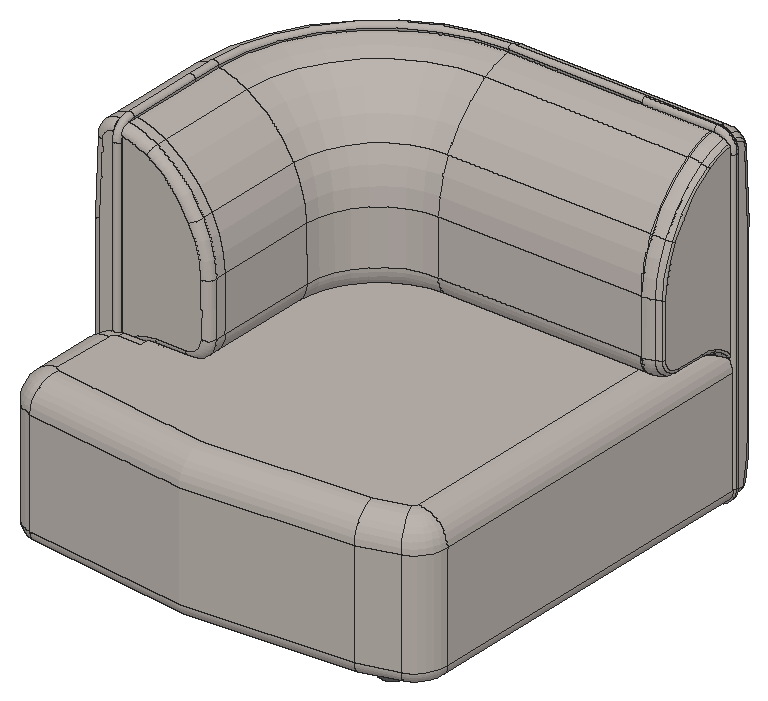
Revit family "revitupgrade", category Furniture, Revit 2025
Family settings
  OmniClass Number = 23.40.70.14.64.11
  OmniClass Title = Office Furniture
  Work Plane-Based = No
  Enable Cutting in Views = No
  Always vertical = Yes
  Cut with Voids When Loaded = No
  Render Appearance Source = Family Geometry
  Shared = No
  Room Calculation Point = No
Parameters (values of type "H725 x W870 x D920mm")
  Width = 870.00 mm
  Upholstery Finish [instance] = Wendelbo_Fabric_Cuddle_COL04
  URL = "https://www.steelcase.com/asia-en/products/sofas/panorama-sofa/"
  Style Number(s) = "WBOPANOSF1, WBOPANOSF2"
  Release Date = "September 2022"
  Manufacturer = "Wendelbo"  # constant formula
  Legs Finish = Wendelbo_Wood_BlackStainedOak
  Height = 725.00 mm
  Description = "The Panorama modular sofa is designed to be an organic fit for any space, be it grand or large. Simply configure and combine its modules exactly as you’d like. While its curves allow for it to bring a modern touch to the scenery, its inherent comfort invites the user in for a seat that can be enhanced through loose cushions."  # constant formula
  Depth = 920.00 mm
  Default Elevation = 0.00 mm
  Copyright = "© 2010 Steelcase Inc."  # constant formula
  Assembly Code = "E2020200"
Reference planes
  plane 1 "Bottom": z = 0
  plane 2 "Center Left/Right": x = -65
  plane 3: z = 410
  plane 4: x = -500
  plane 5: y = 500
  plane 6: x = 370
  plane 7: y = -420
  plane 8: z = 725
  plane 9 "Trim": y = 445
  plane 10: y = 40
  plane 11: x = -380
  plane 12: y = 380
  plane 13: y = -300
  plane 14: z = 717
  plane 15: x = 273
  plane 16: x = -492
  plane 17: x = -473
  plane 18: x = 362
  plane 19: x = 323
  plane 20: y = -160
  plane 21: y = -152
  plane 22: y = -113
  plane 23: z = 324.262
  plane 24: x = 250
  plane 25: z = 30
Forms (mm)
  Extrusion 1, solid, material "Wendelbo_Wood_BlackStainedOak" <- "Legs Finish"
    sketch origin (0, 0, 0) x (1, 0, 0) y (0, 1, 0)
      loop
        circle (-300, 300) r 30
      loop
        circle (250, 380) r 30
      loop
        circle (-380, -300) r 30
      loop
        circle (250, -300) r 30
    from 0 to 30
  Sweep 2, solid, material "Wendelbo_Fabric_Cuddle_COL04" <- "Upholstery Finish"
    path origin (0, 445, 0) x (-1, 0, 0) y (0, 0, 1)
      loop
        line (-180, 725) -> (-330, 725)
        arc (-330, 725) -> (-358.284, 713.284) -> (-370, 685) r 40
        line (-370, 685) -> (-370, 60)
        arc (-370, 60) -> (-358.284, 31.716) -> (-330, 20) r 40
        line (-330, 20) -> (-180, 20)
    profile origin (255, 445, 725) x (0, 0, -1) y (0, 1, 0)
      loop
        circle (8, 0) r 8
  Sweep 3, solid, material "Wendelbo_Fabric_Cuddle_COL04" <- "Upholstery Finish"
    path origin (-8, 0, 0) x (1, 0, 0) y (0, 1, 0)
      loop
        line (331, 500) -> (-92, 500)
        arc (-92, 500) -> (-374.843, 382.843) -> (-492, 100) r 400
        line (-492, 100) -> (-492, -113)
    profile origin (111.5, 500, 0) x (0, -1, 0) y (0, 0, 1)
      loop
        arc (47.627, 716.631) -> (19.11, 706.682) -> (5.679, 679.63) r 40
        arc (5.679, 679.63) -> (1.42, 602.672) -> (0, 525.609) r 2091.453
        line (0, 525.609) -> (0, 146.591)
        arc (0, 146.591) -> (2.651, 97.814) -> (10.574, 49.612) r 450
        arc (10.574, 49.612) -> (19.329, 35.51) -> (34.987, 30) r 25
        line (34.987, 30) -> (55, 30) -> (55, 244.262)
        arc (55, 244.262) -> (78.431, 300.831) -> (135, 324.262) r 80
        line (135, 324.262) -> (197.794, 324.262)
        arc (197.794, 324.262) -> (232.754, 338.517) -> (247.781, 373.152) r 50
        arc (247.781, 373.152) -> (248.267, 429.64) -> (247.214, 486.121) r 2073.894
        arc (247.214, 486.121) -> (239.59, 539.859) -> (220.557, 590.689) r 250.206
        arc (220.557, 590.689) -> (179.707, 649.141) -> (124.028, 693.695) r 250.206
        arc (124.028, 693.695) -> (87.211, 709.773) -> (47.627, 716.631) r 167.647
  Sweep 4, solid, material "Wendelbo_Fabric_Cuddle_COL04" <- "Upholstery Finish"
    path origin (0, 0, 0) x (1, 0, 0) y (0, 1, 0)
      loop
        line (366, 445) -> (366, -305.304)
        arc (366, -305.304) -> (353.941, -344.583) -> (321.917, -370.329) r 70
        arc (321.917, -370.329) -> (282.546, -383.698) -> (242, -392.913) r 400.526
        arc (242, -392.913) -> (-101.113, -419.786) -> (-443.247, -382.472) r 1845.171
        arc (-443.247, -382.472) -> (-482.685, -359.057) -> (-499.162, -316.254) r 70
        arc (-499.162, -316.254) -> (-499.878, -247.529) -> (-497.396, -178.845) r 1476.622
        arc (-497.396, -178.845) -> (-475.525, -132.055) -> (-427.52, -113) r 70
        line (-427.52, -113) -> (-380, -113)
    profile origin (366, 69.848, 0) x (1, 0, 0) y (0, 0, 1)
      loop
        line (-66.25, 335) -> (-66.25, 30) -> (-25, 30)
        arc (-25, 30) -> (-7.322, 37.322) -> (0, 55) r 25
        line (0, 55) -> (0, 275)
        arc (0, 275) -> (-17.574, 317.426) -> (-60, 335) r 60
        line (-60, 335) -> (-66.25, 335)
  Sweep 5, solid, material "Wendelbo_Fabric_Cuddle_COL04" <- "Upholstery Finish"
    path origin (-8, 0, 0) x (1, 0, 0) y (0, 1, 0)
      loop
        line (188, 500) -> (-92, 500)
        arc (-92, 500) -> (-374.843, 382.843) -> (-492, 100) r 400
        line (-492, 100) -> (-492, 40)
    profile origin (40, 500, 0) x (0, -1, 0) y (0, 0, 1)
      loop
        circle (55, 717) r 8
      loop
        circle (55, 28) r 8
  Sweep 6, solid, material "Wendelbo_Fabric_Cuddle_COL04" <- "Upholstery Finish"
    path origin (-65, 0, 0) x (0, 1, 0) y (0, 0, 1)
      loop
        line (40, 725) -> (-120, 725)
        arc (-120, 725) -> (-148.284, 713.284) -> (-160, 685) r 40
        line (-160, 685) -> (-160, 60)
        arc (-160, 60) -> (-148.284, 31.716) -> (-120, 20) r 40
        line (-120, 20) -> (40, 20)
    profile origin (-65, -40, 725) x (0, 0, -1) y (1, 0, 0)
      loop
        circle (8, -380) r 8
  Sweep 7, solid, material "Wendelbo_Fabric_Cuddle_COL04" <- "Upholstery Finish"
    path origin (323, 500, 0) x (0, 1, 0) y (0, 0, 1)
      loop
        line (-55, 30) -> (-34.987, 30)
        arc (-34.987, 30) -> (-19.329, 35.51) -> (-10.574, 49.612) r 25
        arc (-10.574, 49.612) -> (-2.651, 97.814) -> (0, 146.591) r 450
        line (0, 146.591) -> (0, 525.609)
        arc (0, 525.609) -> (-1.42, 602.672) -> (-5.679, 679.63) r 2091.453
        arc (-5.679, 679.63) -> (-19.11, 706.682) -> (-47.627, 716.631) r 40
        arc (-47.627, 716.631) -> (-87.211, 709.773) -> (-124.028, 693.695) r 167.647
        arc (-124.028, 693.695) -> (-179.707, 649.141) -> (-220.557, 590.689) r 250.206
        arc (-220.557, 590.689) -> (-239.59, 539.859) -> (-247.214, 486.121) r 250.206
        arc (-247.214, 486.121) -> (-248.267, 429.64) -> (-247.781, 373.152) r 2073.894
        arc (-247.781, 373.152) -> (-232.754, 338.517) -> (-197.794, 324.262) r 50
        line (-197.794, 324.262) -> (-135, 324.262)
        arc (-135, 324.262) -> (-78.431, 300.831) -> (-55, 244.262) r 80
    profile origin (323, 500, 336.1) x (0, -1, 0) y (1, 0, 0)
      loop
        line (0, 0) -> (18.618, 0) -> (18.618, 39) -> (17.622, 39)
        arc (17.622, 39) -> (14.677, 38.35) -> (12.278, 36.521) r 7
        arc (12.278, 36.521) -> (8.799, 31.911) -> (5.853, 26.943) r 51.898
        arc (5.853, 26.943) -> (1.484, 15.324) -> (0, 3) r 51.898
        line (0, 3) -> (0, 0)
  Extrusion 8, solid, material "Wendelbo_Fabric_Cuddle_COL04" <- "Upholstery Finish"
    sketch origin (362, 445, 47.622) x (0, 1, 0) y (0, 0, 1)
      loop
        line (0, 254.308) -> (0, 0.996) -> (20.013, 0.996)
        arc (20.013, 0.996) -> (24.01, 2.402) -> (26.245, 6.002) r 6.382
        arc (26.245, 6.002) -> (33.84, 52.21) -> (36.382, 98.969) r 431.382
        line (36.382, 98.969) -> (36.382, 477.987)
        arc (36.382, 477.987) -> (34.974, 554.364) -> (30.754, 630.636) r 2072.835
        arc (30.754, 630.636) -> (23.574, 645.097) -> (8.33, 650.416) r 21.382
        arc (8.33, 650.416) -> (-26.858, 644.319) -> (-59.586, 630.026) r 149.029
        arc (-59.586, 630.026) -> (-111.122, 588.788) -> (-148.932, 534.685) r 231.588
        arc (-148.932, 534.685) -> (-166.549, 487.638) -> (-173.606, 437.899) r 231.588
        arc (-173.606, 437.899) -> (-174.649, 381.925) -> (-174.168, 325.943) r 2055.276
        arc (-174.168, 325.943) -> (-164.736, 304.205) -> (-142.794, 295.258) r 31.382
        line (-142.794, 295.258) -> (-80, 295.258)
        arc (-80, 295.258) -> (-35.064, 284.426) -> (0, 254.308) r 98.618
    from 0 to -39
  Sweep 9, solid, material "Wendelbo_Fabric_Cuddle_COL04" <- "Upholstery Finish"
    path origin (-500, -113, 0) x (0, 0, 1) y (-1, 0, 0)
      loop
        arc (244.262, -55) -> (300.831, -78.431) -> (324.262, -135) r 80
        line (324.262, -135) -> (324.262, -197.794)
        arc (324.262, -197.794) -> (338.517, -232.754) -> (373.152, -247.781) r 50
        arc (373.152, -247.781) -> (429.64, -248.267) -> (486.121, -247.214) r 2073.894
        arc (486.121, -247.214) -> (539.859, -239.59) -> (590.689, -220.557) r 250.206
        arc (590.689, -220.557) -> (649.141, -179.707) -> (693.695, -124.028) r 250.206
        arc (693.695, -124.028) -> (709.773, -87.211) -> (716.631, -47.627) r 167.647
        arc (716.631, -47.627) -> (706.682, -19.11) -> (679.63, -5.679) r 40
        arc (679.63, -5.679) -> (602.672, -1.42) -> (525.609, 0) r 2091.453
        line (525.609, 0) -> (146.591, 0)
        arc (146.591, 0) -> (97.814, -2.651) -> (49.612, -10.574) r 450
        arc (49.612, -10.574) -> (35.51, -19.329) -> (30, -34.987) r 25
        line (30, -34.987) -> (30, -55)
    profile origin (-500, -113, 336.1) x (0, -1, 0) y (1, 0, 0)
      loop
        line (0, 0) -> (21.094, 0)
        arc (21.094, 0) -> (33.755, 5.245) -> (39, 17.906) r 17.906
        line (39, 17.906) -> (39, 23) -> (0, 23) -> (0, 0)
  Extrusion 10, solid, material "Wendelbo_Fabric_Cuddle_COL04" <- "Upholstery Finish"
    sketch origin (-500, -113, 0) x (0, 0, 1) y (-1, 0, 0)
      loop
        arc (146.591, -23) -> (122.083, -23.704) -> (97.657, -25.813) r 427
        line (97.657, -25.813) -> (244.262, -32)
        arc (244.262, -32) -> (317.094, -62.168) -> (347.262, -135) r 103
        line (347.262, -135) -> (347.262, -197.794)
        arc (347.262, -197.794) -> (354.96, -216.672) -> (373.663, -224.787) r 27
        arc (373.663, -224.787) -> (429.525, -225.267) -> (485.38, -224.226) r 2050.894
        arc (485.38, -224.226) -> (534.178, -217.303) -> (580.335, -200.019) r 227.206
        arc (580.335, -200.019) -> (633.413, -162.925) -> (673.872, -112.363) r 227.206
        arc (673.872, -112.363) -> (687.745, -80.598) -> (693.662, -46.444) r 144.647
        arc (693.662, -46.444) -> (689.433, -34.325) -> (677.936, -28.617) r 17
        arc (677.936, -28.617) -> (601.824, -24.405) -> (525.609, -23) r 2068.453
        line (525.609, -23) -> (146.591, -23)
    from 0 to 39
  Extrusion 11, solid, material "Wendelbo_Fabric_Cuddle_COL04" <- "Upholstery Finish"
    sketch origin (0, 0, 0) x (1, 0, 0) y (0, 1, 0)
      loop
        arc (-432.949, -314.022) -> (-432.067, -316.315) -> (-429.954, -317.569) r 3.75
        arc (-429.954, -317.569) -> (-100.103, -353.544) -> (230.69, -327.636) r 1778.921
        arc (230.69, -327.636) -> (264.529, -319.945) -> (297.388, -308.787) r 334.276
        arc (297.388, -308.787) -> (299.104, -307.408) -> (299.75, -305.304) r 3.75
        line (299.75, -305.304) -> (299.75, 445) -> (-95, 445)
        arc (-95, 445) -> (-342.487, 342.487) -> (-445, 95) r 350
        line (-445, 95) -> (-445, -113) -> (-380, -113) -> (-380, -179.25) -> (-427.52, -179.25)
        arc (-427.52, -179.25) -> (-430.091, -180.271) -> (-431.263, -182.777) r 3.75
        arc (-431.263, -182.777) -> (-433.634, -248.38) -> (-432.949, -314.022) r 1410.372
    from 30 to 335
Cuts and joins
  joined: Sweep 2, Sweep 5, Sweep 6
  joined: Sweep 3, Sweep 7, Extrusion 8, Sweep 9, Extrusion 10
  joined: Sweep 4, Extrusion 11
Lines and regions (mm)
  Masking region 1
    outline origin (0, 0, 0) x (1, 0, 0) y (0, 1, 0)
      loop
        arc (370, 471.494) -> (360.716, 491.735) -> (340.037, 500) r 30
        line (340.037, 500) -> (-100, 500)
        arc (-100, 500) -> (-382.843, 382.843) -> (-500, 100) r 400
        line (-500, 100) -> (-500, 57.57)
        arc (-500, 57.57) -> (-500.693, -3.431) -> (-502.771, -64.401) r 2685.652
        arc (-502.771, -64.401) -> (-502.317, -87.109) -> (-498.905, -109.565) r 173.749
        arc (-498.905, -109.565) -> (-499.443, -112.579) -> (-501.954, -114.331) r 4.001
        arc (-501.954, -114.331) -> (-508.226, -120.045) -> (-506.429, -128.337) r 8.499
        arc (-506.429, -128.337) -> (-508.238, -225.362) -> (-499.834, -322.041) r 921.606
        arc (-499.834, -322.041) -> (-482.097, -359.635) -> (-446.17, -380.542) r 70
        arc (-446.17, -380.542) -> (-413.182, -387.603) -> (-380, -393.689) r 1145.51
        arc (-380, -393.689) -> (-65, -420) -> (250, -393.689) r 1898.749
        arc (250, -393.689) -> (288.878, -384.904) -> (326.542, -371.862) r 358.887
        arc (326.542, -371.862) -> (358.129, -346.089) -> (370, -307.089) r 70
        line (370, -307.089) -> (370, 471.494)
  symbolic lines, style "Steelcase Furniture"
    curve 1: line (-81.737, 258.271, 0) -> (213.263, 258.271, 0)
    curve 2: arc (-81.737, 258.271, 0) -> (-197.311, 244.114, 0) -> (-293.021, 177.804, 0) r 242.93
    curve 3: arc (-293.021, 177.804, 0) -> (-328.612, 123.824, 0) -> (-347.901, 62.11, 0) r 231.694
    curve 4: arc (-347.901, 62.11, 0) -> (-351.447, 28.379, 0) -> (-351.05, -5.536, 0) r 291.503
    curve 5: arc (-351.05, -5.536, 0) -> (-369.569, -80.681, 0) -> (-428.456, -130.901, 0) r 126.251
    curve 6: arc (213.263, 258.271, 0) -> (267.899, 258.876, 0) -> (322.507, 260.692, 0) r 2465.505
    curve 7: arc (322.507, 260.692, 0) -> (354.503, 274.179, 0) -> (370, 305.25, 0) r 50
    curve 8: line (362, 453, 0) -> (-103, 453, 0)
    curve 9: line (-453, 103, 0) -> (-453, -84.581, 0)
    curve 10: arc (-453, 103, 0) -> (-350.487, 350.487, 0) -> (-103, 453, 0) r 350
    curve 11: arc (-453, -84.581, 0) -> (-469.428, -110.896, 0) -> (-500.335, -113.564, 0) r 34.708
    curve 12: arc (-103, 437, 0) -> (-339.174, 339.174, 0) -> (-437, 103, 0) r 334
    curve 13: line (362, 437, 0) -> (-103, 437, 0)
    curve 14: line (-437, 103, 0) -> (-437, -85.268, 0)
    curve 15: arc (-437, -85.268, 0) -> (-460.797, -124.371, 0) -> (-506.396, -128.373, 0) r 50.708
    curve 16: arc (-428.456, -130.901, 0) -> (-467.7, -138.087, 0) -> (-506.396, -128.373, 0) r 94.138
    curve 17: arc (362, 437, 0) -> (370, 445, 0) -> (362, 453, 0) r 8
Dimensions and locks
  locked: plane 3 to plane 1 "Bottom" at 410
  plane 4 to plane 6 = 870.00 mm
  locked: plane 5 to plane 7 at 920
  plane 8 to plane 1 "Bottom" = 725.00 mm
  equal spacing: plane 4, plane 2 "Center Left/Right", plane 6
  plane 5 to plane 10 to plane 7 = 460.00 mm, 460.00 mm
  plane 5 to Extrusion 1 sketch curve = 200.00 mm
  plane 4 to Extrusion 1 sketch curve = 200.00 mm
  aligned and locked: level to plane 1 "Bottom"
  aligned and locked: plane 13 to Extrusion 1 sketch curve  (x2)
  aligned and locked: plane 8 to Sweep 2 sketch curve
  aligned and locked: Sweep 2 sketch curve to plane 6
  aligned and locked: Sweep 3 sketch curve to plane 4
  aligned and locked: Sweep 6 sketch curve to Sweep 5  (x2)
  aligned and locked: plane 24 to Extrusion 1 sketch curve  (x2)
  aligned and locked: plane 6 to Masking region 1 sketch curve
  aligned and locked: Masking region 1 sketch curve to plane 5
  aligned and locked: Sweep 3 sketch curve to plane 9 "Trim"
  aligned and locked: Sweep 7 sketch curve to Sweep 3  (x9)
  aligned and locked: Sweep 7 sketch curve to plane 5
  aligned and locked: plane 18 to Sweep 7 sketch curve
  aligned and locked: Sweep 7 sketch curve to plane 19
  aligned and locked: Extrusion 8 sketch curve to plane 9 "Trim"
  aligned and locked: Extrusion 8 sketch curve to cut or joined group of Sweep 3, Sweep 7, Extrusion 8, Sweep 9, Extrusion 10  (x10)
  aligned and locked: plane 19 to Extrusion 8
  aligned and locked: Sweep 7 sketch curve to cut or joined group of Sweep 3, Sweep 7, Extrusion 8, Sweep 9, Extrusion 10
  aligned and locked: Sweep 9 sketch curve to cut or joined group of Sweep 3, Sweep 7, Extrusion 8, Sweep 9, Extrusion 10  (x10)
  aligned and locked: plane 21 to Sweep 9 sketch curve
  aligned and locked: profile plane to Sweep 9 sketch curve
  aligned and locked: Extrusion 10 sketch curve to Sweep 9  (x9)
  aligned and locked: Extrusion 1 to plane 25
  aligned and locked: Sweep 5 sketch curve to cut or joined group of Sweep 2, Sweep 5, Sweep 6
  aligned and locked: Extrusion 11 sketch curve to Sweep 4  (x2)
Automatic sketch dimensions
  plane 4 to Extrusion 1 sketch curve = 120.00 mm
  Sweep 3 sketch curve to plane 5 = 0.00 mm
  Sweep 3 sketch curve to plane 19 = 0.00 mm
  Sweep 3 sketch curve to plane 2 "Center Left/Right" = 35.00 mm
  Sweep 3 sketch curve to plane 13 = 187.00 mm
  Sweep 5 sketch curve to plane 4 = 0.00 mm
  Sweep 5 sketch curve to plane 5 = 0.00 mm
  plane 19 to Sweep 5 sketch curve = 143.00 mm
  plane 22 to Sweep 5 sketch curve = 153.00 mm
  Sweep 5 sketch curve to plane 2 "Center Left/Right" = 35.00 mm
  Sweep 2 sketch curve to plane 19 = 7.00 mm  (x2)
  plane 24 to Sweep 2 sketch curve = 70.00 mm  (x2)
  Sweep 2 sketch curve to plane 9 "Trim" = 0.00 mm
  Sweep 2 sketch curve to profile plane = 8.00 mm
  Sweep 5 sketch curve to profile plane = 55.00 mm
  Sweep 5 sketch curve to Sweep 5 sketch curve = 689.00 mm
  Sweep 6 sketch curve to plane 20 = 0.00 mm
  Sweep 6 sketch curve to plane 8 = 0.00 mm
  Sweep 6 sketch curve to plane 10 = 0.00 mm  (x2)
  Sweep 6 sketch curve to plane 22 = 7.00 mm  (x2)
  profile plane to Sweep 4 sketch curve = 0.00 mm
  Sweep 4 sketch curve to Sweep 4 sketch curve = 25.00 mm
  Sweep 4 sketch curve to Sweep 4 sketch curve = 60.00 mm
  Sweep 4 sketch curve to Sweep 4 sketch curve = 6.25 mm
  level to Sweep 4 sketch curve = 30.00 mm
  Sweep 4 sketch curve to Sweep 4 sketch curve = 220.00 mm
  Sweep 4 sketch curve to plane 22 = 0.00 mm
  Sweep 4 sketch curve to plane 9 "Trim" = 0.00 mm
  plane 17 to Sweep 4 sketch curve = 43.799 mm
  Sweep 4 sketch curve to plane 20 = 23.00 mm
  plane 17 to Sweep 4 sketch curve = 45.48 mm
  Sweep 4 sketch curve to plane 2 "Center Left/Right" = 8.00 mm
  Sweep 4 sketch curve to plane 10 = 38.267 mm
  plane 15 to Sweep 4 sketch curve = 99.376 mm
  plane 13 to Sweep 4 sketch curve = 5.304 mm
  Sweep 4 sketch curve to plane 15 = 23.00 mm
  plane 6 to Sweep 4 sketch curve = 4.00 mm
  Sweep 4 sketch curve to plane 13 = 33.50 mm
  Sweep 4 sketch curve to plane 6 = 606.622 mm
  plane 13 to Sweep 4 sketch curve = 13.896 mm
  plane 5 to Sweep 4 sketch curve = 925.171 mm
  plane 17 to Sweep 4 sketch curve = 29.753 mm
  Sweep 4 sketch curve to Sweep 4 sketch curve = 0.00 mm  (x3)
  plane 11 to Sweep 4 sketch curve = 0.00 mm
  Extrusion 1 sketch curve to plane 12 = 0.00 mm
  Sweep 3 sketch curve to Sweep 3 sketch curve = 0.00 mm  (x6)
  Sweep 3 sketch curve to profile plane = 0.00 mm
  profile plane to Sweep 3 sketch curve = 2.862 mm
  level to Sweep 3 sketch curve = 419.229 mm
  Sweep 3 sketch curve to Sweep 3 sketch curve = 1822.739 mm
  Sweep 3 sketch curve to profile plane = 39.007 mm
  Sweep 3 sketch curve to Sweep 3 sketch curve = 20.013 mm
  Sweep 3 sketch curve to profile plane = 45.57 mm
  Sweep 3 sketch curve to Sweep 3 sketch curve = 80.00 mm
  Sweep 3 sketch curve to Sweep 3 sketch curve = 62.794 mm
  level to Sweep 3 sketch curve = 146.591 mm
  Sweep 3 sketch curve to Sweep 3 sketch curve = 252.206 mm
  level to Sweep 3 sketch curve = 525.609 mm
  Sweep 3 sketch curve to Sweep 3 sketch curve = 1641.453 mm
  level to Sweep 3 sketch curve = 55.00 mm
  Sweep 3 sketch curve to Sweep 3 sketch curve = 25.00 mm
  Sweep 3 sketch curve to Sweep 3 sketch curve = 97.671 mm
  Sweep 3 sketch curve to Sweep 3 sketch curve = 50.00 mm
  Sweep 3 sketch curve to Sweep 3 sketch curve = 47.558 mm
  Sweep 3 sketch curve to Sweep 3 sketch curve = 23.597 mm
  Sweep 3 sketch curve to Sweep 3 sketch curve = 127.478 mm
  Sweep 3 sketch curve to Sweep 3 sketch curve = 26.657 mm
  Sweep 7 sketch curve to Sweep 7 sketch curve = 26.657 mm
  Sweep 7 sketch curve to Sweep 7 sketch curve = 0.00 mm  (x2)
  Sweep 7 sketch curve to profile plane = 17.622 mm
  Sweep 7 sketch curve to Sweep 7 sketch curve = 0.996 mm
  profile plane to Sweep 7 sketch curve = 3.00 mm
  Sweep 7 sketch curve to Sweep 7 sketch curve = 33.28 mm
  Sweep 7 sketch curve to Sweep 7 sketch curve = 7.00 mm
  Sweep 7 sketch curve to profile plane = 5.853 mm
  Sweep 7 sketch curve to Sweep 3 = 0.00 mm
  Extrusion 8 sketch curve to Extrusion 8 sketch curve = 24.674 mm
  Sweep 9 sketch curve to Sweep 3 = 0.00 mm
  Sweep 9 sketch curve to Sweep 9 sketch curve = 104.568 mm
  Sweep 9 sketch curve to profile plane = 0.00 mm
  Sweep 9 sketch curve to profile plane = 17.906 mm
  Sweep 9 sketch curve to Sweep 9 sketch curve = 5.094 mm
  Extrusion 10 sketch curve to Sweep 3 = 25.813 mm
  Extrusion 10 sketch curve to Extrusion 10 sketch curve = 94.955 mm
  Sweep 2 sketch curve to plane 25 = 30.00 mm
  Sweep 6 sketch curve to plane 25 = 30.00 mm
  Extrusion 11 sketch curve to plane 22 = 0.00 mm
  Extrusion 11 sketch curve to plane 9 "Trim" = 0.00 mm
  plane 13 to Extrusion 11 sketch curve = 13.896 mm
  plane 17 to Extrusion 11 sketch curve = 43.799 mm
  plane 17 to Extrusion 11 sketch curve = 28.00 mm
  Extrusion 11 sketch curve to plane 2 "Center Left/Right" = 30.00 mm
  Extrusion 11 sketch curve to plane 2 "Center Left/Right" = 8.00 mm
  Extrusion 11 sketch curve to plane 10 = 38.267 mm
  plane 15 to Extrusion 11 sketch curve = 99.376 mm
  plane 13 to Extrusion 11 sketch curve = 5.304 mm
  Extrusion 11 sketch curve to plane 15 = 23.00 mm
  plane 19 to Extrusion 11 sketch curve = 23.25 mm
  Extrusion 11 sketch curve to plane 13 = 33.50 mm
  Extrusion 11 sketch curve to plane 6 = 606.622 mm
  plane 5 to Extrusion 11 sketch curve = 925.171 mm
  Extrusion 11 sketch curve to Extrusion 11 sketch curve = 0.752 mm
  Extrusion 11 sketch curve to Extrusion 11 sketch curve = 0.00 mm  (x3)
  Masking region 1 sketch curve to plane 4 = 0.00 mm
  Masking region 1 sketch curve to plane 11 = 0.00 mm  (x2)
  Masking region 1 sketch curve to plane 2 "Center Left/Right" = 0.00 mm
  Masking region 1 sketch curve to plane 24 = 0.00 mm  (x2)
  Masking region 1 sketch curve to plane 4 = 0.13 mm
  Masking region 1 sketch curve to plane 4 = 2.813 mm
  plane 10 to Masking region 1 sketch curve = 17.57 mm
  Masking region 1 sketch curve to plane 4 = 2685.652 mm
  plane 17 to Masking region 1 sketch curve = 42.487 mm
  plane 11 to Masking region 1 sketch curve = 50.799 mm
  Masking region 1 sketch curve to plane 2 "Center Left/Right" = 124.961 mm
  Masking region 1 sketch curve to plane 2 "Center Left/Right" = 35.00 mm
  plane 24 to Masking region 1 sketch curve = 59.539 mm
  plane 19 to Masking region 1 sketch curve = 23.00 mm
  Masking region 1 sketch curve to plane 19 = 17.037 mm
  Masking region 1 sketch curve to plane 6 = 42.834 mm
  plane 22 to Masking region 1 sketch curve = 73.225 mm
  plane 22 to Masking region 1 sketch curve = 40.709 mm
  plane 22 to Masking region 1 sketch curve = 2.577 mm
  Masking region 1 sketch curve to plane 22 = 9.631 mm
  Masking region 1 sketch curve to plane 20 = 34.005 mm
  plane 13 to Masking region 1 sketch curve = 7.089 mm
  plane 13 to Masking region 1 sketch curve = 12.316 mm
  plane 5 to Masking region 1 sketch curve = 235.948 mm
  Masking region 1 sketch curve to plane 22 = 1.331 mm
  Masking region 1 sketch curve to Masking region 1 sketch curve = 0.00 mm  (x3)
  Masking region 1 sketch curve to plane 4 = 6.429 mm
  plane 9 "Trim" to Masking region 1 sketch curve = 26.494 mm
  curve 10 to curve 12 = 0.00 mm  (x2)
  curve 11 to curve 15 = 0.00 mm  (x2)
  curve 8 to plane 19 = 39.00 mm
  curve 17 to plane 9 "Trim" = 0.00 mm
  curve 17 to plane 18 = 0.00 mm
  curve 7 to plane 6 = 0.00 mm
  plane 19 to curve 7 = 2.708 mm
  plane 24 to curve 6 = 36.737 mm
  plane 2 "Center Left/Right" to curve 4 = 4.741 mm
  curve 1 to plane 2 "Center Left/Right" = 16.737 mm
  curve 10 to plane 2 "Center Left/Right" = 38.00 mm
  curve 2 to plane 10 = 22.909 mm
  curve 2 to plane 2 "Center Left/Right" = 45.85 mm
  curve 3 to curve 2 = 8.426 mm
  plane 17 to curve 14 = 36.00 mm
  plane 17 to curve 16 = 8.353 mm
  curve 5 to plane 17 = 3.993 mm
  plane 16 to curve 15 = 4.448 mm
  curve 4 to curve 2 = 2.269 mm
  curve 5 to plane 10 = 54.353 mm
  curve 16 to curve 5 = 29.645 mm
  plane 22 to curve 11 = 31.704 mm
  plane 22 to curve 9 = 28.419 mm
  curve 14 to curve 9 = 0.687 mm
  curve 2 to curve 3 = 7.433 mm
  curve 1 to plane 12 = 121.729 mm
  curve 7 to plane 12 = 69.357 mm
  plane 5 to curve 6 = 2223.775 mm
  curve 7 to curve 6 = 0.00 mm
  curve 3 to curve 2 = 0.00 mm
  curve 4 to curve 3 = 0.00 mm
  curve 5 to curve 4 = 0.00 mm
  curve 16 to curve 5 = 0.00 mm
  curve 11 to plane 4 = 0.335 mm
  radius of Extrusion 1 sketch curve = 30.00 mm  (x4)
  radius of Sweep 2 sketch curve = 8.00 mm
  radius of Sweep 5 sketch curve = 8.00 mm
  radius of curve 17 = 8.00 mm
